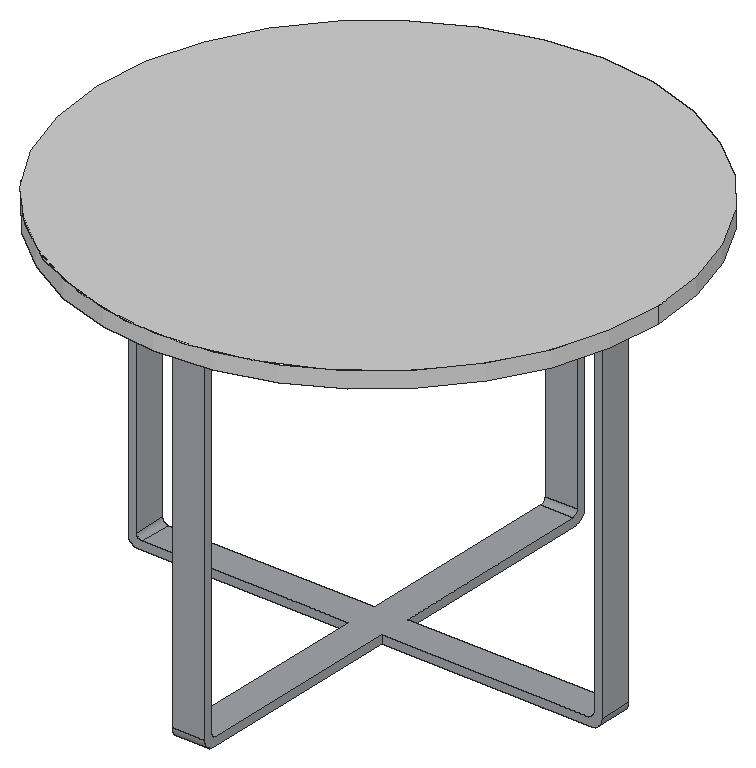
Revit family
Parameters
  URL = "http://www.martinbrattrud.com"
  Table [instance] = none
  SCS Certified Product = "Yes"
  Model = "Serif 531-26CLC"
  Manufacturer = "Martin Brattrud, Inc."
  Legs [instance] = none
  Keynote = "125000"
  Copyright = "© 2013 Martin Brattrud, Inc."
  Authoring Version = "Revit Architecture 2010"
  Assembly Code = "E2020200"
Reference planes (in)
  plane 1 "Center Front/Back": y = 0
  plane 2: z = 0
  plane 3 "Center Left/Right": x = 0
  plane 4: y = 13
  plane 5: y = 11
  plane 6: y = -11
  plane 7: x = -13
  plane 8: x = 13
  plane 9: x = -11
  plane 10: x = 11
  plane 11: y = 8
  plane 12: y = 6.5
  plane 13: y = -11
  plane 14: y = -8
  plane 15: y = -6.5
  plane 16: x = -8
  plane 17: x = -6.5
  plane 18: x = 11
  plane 19: x = 8
  plane 20: x = 6.5
  plane 21: z = 18.25
Forms (in)
  Revolve 1, solid
    sketch origin (0, -1.5625, 0) x (0, 1, 0) y (0, 0, 1)
      loop
        line (-6.4375, 0) -> (-6.4375, 0.1875) -> (-7, 0.1875) -> (-7, 0.125)
        arc (-7, 0.125) -> (-6.96339, 0.03661) -> (-6.875, 0) r 0.125
        line (-6.875, 0) -> (-6.4375, 0)
      axis (-6.4375, 0) -> (-6.4375, 0.1875)
    angle from 0 to 360
  Revolve 2, solid
    sketch origin (0, 6.4375, 0) x (0, 1, 0) y (0, 0, 1)
      loop
        line (-6.4375, 0) -> (-6.4375, 0.1875) -> (-7, 0.1875) -> (-7, 0.125)
        arc (-7, 0.125) -> (-6.96339, 0.03661) -> (-6.875, 0) r 0.125
        line (-6.875, 0) -> (-6.4375, 0)
      axis (-6.4375, 0) -> (-6.4375, 0.1875)
    angle from 0 to 360
  Revolve 3, solid
    sketch origin (0, 14.4375, 0) x (0, 1, 0) y (0, 0, 1)
      loop
        line (-6.4375, 0) -> (-6.4375, 0.1875) -> (-7, 0.1875) -> (-7, 0.125)
        arc (-7, 0.125) -> (-6.96339, 0.03661) -> (-6.875, 0) r 0.125
        line (-6.875, 0) -> (-6.4375, 0)
      axis (-6.4375, 0) -> (-6.4375, 0.1875)
    angle from 0 to 360
  Revolve 4, solid
    sketch origin (1.5625, 0, 0) x (-1, 0, 0) y (0, 0, 1)
      loop
        line (-6.4375, 0) -> (-6.4375, 0.1875) -> (-7, 0.1875) -> (-7, 0.125)
        arc (-7, 0.125) -> (-6.96339, 0.03661) -> (-6.875, 0) r 0.125
        line (-6.875, 0) -> (-6.4375, 0)
      axis (-6.4375, 0) -> (-6.4375, 0.1875)
    angle from 0 to 360
  Revolve 5, solid
    sketch origin (-14.4375, 0, 0) x (-1, 0, 0) y (0, 0, 1)
      loop
        line (-6.4375, 0) -> (-6.4375, 0.1875) -> (-7, 0.1875) -> (-7, 0.125)
        arc (-7, 0.125) -> (-6.96339, 0.03661) -> (-6.875, 0) r 0.125
        line (-6.875, 0) -> (-6.4375, 0)
      axis (-6.4375, 0) -> (-6.4375, 0.1875)
    angle from 0 to 360
  Extrusion 6, solid, material <- "Legs"
    sketch origin (0, 0, -2.2475) x (0, 1, 0) y (0, 0, 1)
      loop
        arc (11, 19.185) -> (10.85355, 19.53855) -> (10.5, 19.685) r 0.5
        line (10.5, 19.685) -> (-10.5, 19.685)
        arc (-10.5, 19.685) -> (-10.85355, 19.53855) -> (-11, 19.185) r 0.5
        line (-11, 19.185) -> (-11, 2.935)
        arc (-11, 2.935) -> (-10.85355, 2.58145) -> (-10.5, 2.435) r 0.5
        line (-10.5, 2.435) -> (10.5, 2.435)
        arc (10.5, 2.435) -> (10.85355, 2.58145) -> (11, 2.935) r 0.5
        line (11, 2.935) -> (11, 19.185)
      loop
        arc (10.625, 19.06) -> (10.55178, 19.23678) -> (10.375, 19.31) r 0.25
        line (10.375, 19.31) -> (-10.375, 19.31)
        arc (-10.375, 19.31) -> (-10.55178, 19.23678) -> (-10.625, 19.06) r 0.25
        line (-10.625, 19.06) -> (-10.625, 3.06)
        arc (-10.625, 3.06) -> (-10.55178, 2.88322) -> (-10.375, 2.81) r 0.25
        line (-10.375, 2.81) -> (10.375, 2.81)
        arc (10.375, 2.81) -> (10.55178, 2.88322) -> (10.625, 3.06) r 0.25
        line (10.625, 3.06) -> (10.625, 19.06)
    from -0.75 to 0.75
  Extrusion 7, solid, material <- "Legs"
    sketch origin (0, 0, -2.2475) x (-1, 0, 0) y (0, 0, 1)
      loop
        arc (11, 19.185) -> (10.85355, 19.53855) -> (10.5, 19.685) r 0.5
        line (10.5, 19.685) -> (-10.5, 19.685)
        arc (-10.5, 19.685) -> (-10.85355, 19.53855) -> (-11, 19.185) r 0.5
        line (-11, 19.185) -> (-11, 2.935)
        arc (-11, 2.935) -> (-10.85355, 2.58145) -> (-10.5, 2.435) r 0.5
        line (-10.5, 2.435) -> (10.5, 2.435)
        arc (10.5, 2.435) -> (10.85355, 2.58145) -> (11, 2.935) r 0.5
        line (11, 2.935) -> (11, 19.185)
      loop
        arc (10.625, 19.06) -> (10.55178, 19.23678) -> (10.375, 19.31) r 0.25
        line (10.375, 19.31) -> (-10.375, 19.31)
        arc (-10.375, 19.31) -> (-10.55178, 19.23678) -> (-10.625, 19.06) r 0.25
        line (-10.625, 19.06) -> (-10.625, 3.06)
        arc (-10.625, 3.06) -> (-10.55178, 2.88322) -> (-10.375, 2.81) r 0.25
        line (-10.375, 2.81) -> (10.375, 2.81)
        arc (10.375, 2.81) -> (10.55178, 2.88322) -> (10.625, 3.06) r 0.25
        line (10.625, 3.06) -> (10.625, 19.06)
    from -0.75 to 0.75
  Extrusion 8, solid, material <- "Table"
    sketch origin (0, 0, -1.9975) x (1, 0, 0) y (0, 1, 0)
      loop
        circle (0, 0) r 13
    from 19.4975 to 20.2475
Cuts and joins
  joined: Extrusion 6, Extrusion 7
